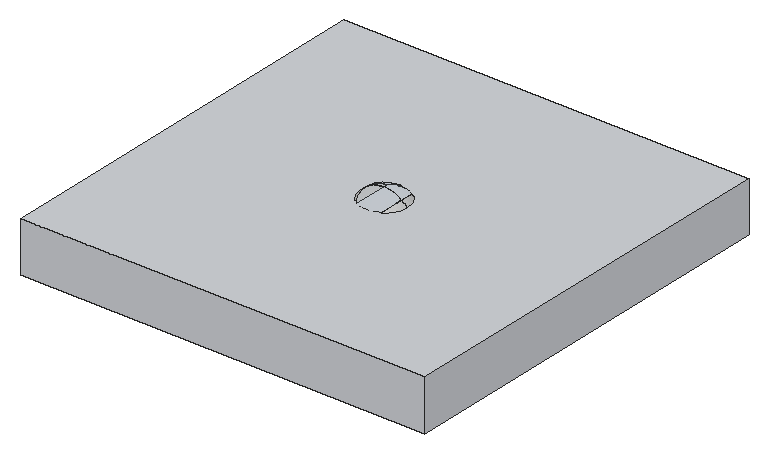
Revit family "GALAD Раунд LED", category Осветительные приборы, Revit 2018
Family settings
  Основа = Грань
  Размер круглого соединителя = Использовать диаметр
  Тип детали = Нормальный
  При загрузке вырезать с полостями = Нет
  Источник света = Да
  Общий = Нет
  Точка расчета площади = Нет
Parameters (values of type "GALAD Раунд LED-9 ECO IP30 Датчик звука")
  built-in parameter 1150104 = 13.8 (stored number, unit not read)
  Частота = "50"  # constant formula
  Цветопередача = 80  # constant formula
  built-in parameter 1150134 = 2
  Файл фотометрической сетки = "svetilnik GALAD raund LED-9 ECO IP30 datchik zvuka.ies"
  Угол наклона = -90.00°
  Тип устройства управления светодиодами = "без управления"  # constant formula
  Тип продукции = "Светильник"  # constant formula
  Тип монтажной поверхности = "настенный"  # constant formula
  Тип источника света = "LED"  # constant formula
  Тип ПРА = "ЭПРА"  # constant formula
  Тип КСС = "Косинусная"  # constant formula
  Срок службы = "12 лет"  # constant formula
  built-in parameter 1150137 = (empty or 0)
  built-in parameter 1150132 = 2
  built-in parameter 1150114 = 1 (stored number, unit not read)
  Снижение светового потока во время разгорания = "не более 6%"  # constant formula
  Dimming Lamp Color Temperature Shift = (empty or 0)
  built-in parameter 1150105 = 334.32 (stored number, unit not read)
  Color Filter = 16777215
  Lumens = 820 lm
  Световая отдача = 91  # constant formula
  built-in parameter 1150109 = 1 (stored number, unit not read)
  built-in parameter 1150112 = 1 (stored number, unit not read)
  built-in parameter 1150110 = 1 (stored number, unit not read)
  built-in parameter 1150113 = 1 (stored number, unit not read)
  built-in parameter 1150115 = 1 (stored number, unit not read)
  built-in parameter 1114218 = 1 (stored number, unit not read)
  built-in parameter 1114217 = 1 (stored number, unit not read)
  Apparent Load = ADSK_Номинальная мощность / ADSK_Коэффициент мощности  # 9.47368 VA
  Default Elevation = 1219.2 mm
  built-in parameter 1150106 = 3.3432 (stored number, unit not read)
  Описание = "Светодиодный светильник GALAD Раунд LED укомплектован матовым рассеивателем для минимизации слепящего действия и встроенным блоком питания. Ударопрочное защитное стекло выполнено из светостабилизированного поликарбоната. Установка светильника возможна на стену или на потолок."  # constant formula
  Область использования = "ЖКХ"  # constant formula
  built-in parameter 1150142 = "IESNA:LM-63-1995\r\n[TEST] Протокол №299R/20, ПАС\r\r\n[DATA]11.09.2020\r\r\n[MANUFAC] GALAD\r\r\n[LUMCAT]  \r\n[LUMINAIRE] Раунд LED-9 ECO IP30 Датчик звука\r\r\n[LAMPCAT] \r\r\n[LAMP] LED 9 Вт \r\r\nTILT=NONE\r\n1     820 0.820 73 145 1 2 0.275 0.275 0.061\r\n1.0 1.0 9\r\n0.0 2.5 5.0 7.5 10.0 12.5 15.0 17.5 20.0 22.5 25.0 27.5 30.0 32.5 35.0 37.5 40.0 42.5 45.0 47.5 50.0 52.5 55.0 57.5 60.0 62.5 65.0 67.5 70.0 72.5 75.0 77.5 80.0 82.5 85.0 87.5 90.0 92.5 95.0 97.5 100.0 102.5 105.0 107.5 110.0 112.5 115.0 117.5 120.0 122.5 125.0 127.5 130.0 132.5 135.0 137.5 140.0 142.5 145.0 147.5 150.0 152.5 155.0 157.5 160.0 162.5 165.0 167.5 170.0 172.5 175.0 177.5 180.0\r\n0.0 2.5 5.0 7.5 10.0 12.5 15.0 17.5 20.0 22.5 25.0 27.5 30.0 32.5 35.0 37.5 40.0 42.5 45.0 47.5 50.0 52.5 55.0 57.5 60.0 62.5 65.0 67.5 70.0 72.5 75.0 77.5 80.0 82.5 85.0 87.5 90.0 92.5 95.0 97.5 100.0 102.5 105.0 107.5 110.0 112.5 115.0 117.5 120.0 122.5 125.0 127.5 130.0 132.5 135.0 137.5 140.0 142.5 145.0 147.5 150.0 152.5 155.0 157.5 160.0 162.5 165.0 167.5 170.0 172.5 175.0 177.5 180.0 182.5 185.0 187.5 190.0 192.5 195.0 197.5 200.0 202.5 205.0 207.5 210.0 212.5 215.0 217.5 220.0 222.5 225.0 227.5 230.0 232.5 235.0 237.5 240.0 242.5 245.0 247.5 250.0 252.5 255.0 257.5 260.0 262.5 265.0 267.5 270.0 272.5 275.0 277.5 280.0 282.5 285.0 287.5 290.0 292.5 295.0 297.5 300.0 302.5 305.0 307.5 310.0 312.5 315.0 317.5 320.0 322.5 325.0 327.5 330.0 332.5 335.0 337.5 340.0 342.5 345.0 347.5 350.0 352.5 355.0 357.5 360.0\r\n332.61 334.32 333.10 330.90 328.34 324.80 320.65 315.65 310.03 304.06 297.47 290.15 282.22 273.55 264.65 255.13 245.00 234.14 223.16 211.45 199.37 187.05 174.11 160.81 147.51 133.97 120.18 106.64 93.46 80.65 68.45 57.10 46.85 37.58 29.53 22.57 16.72 11.84 7.93 5.00 2.93 1.59 0.85 0.37 0.12 0.12 0.00 0.12 0.12 0.12 0.12 0.12 0.00 0.00 0.00 0.00 0.00 0.00 0.00 0.00 0.12 0.12 0.12 0.12 0.12 0.12 0.12 0.24 0.24 0.00 0.00 0.00 0.00 \r\n332.61 334.32 333.10 331.02 328.46 324.68 320.65 315.65 310.16 304.42 297.59 290.27 282.34 273.67 264.65 254.88 244.76 234.02 222.80 211.20 199.13 186.68 173.75 160.69 147.39 133.85 120.18 106.52 93.10 80.16 68.08 56.74 46.36 37.21 29.16 22.21 16.35 11.47 7.69 4.88 2.81 1.59 0.85 0.37 0.12 0.00 0.00 0.00 0.12 0.12 0.12 0.12 0.00 0.00 0.00 0.00 0.00 0.00 0.00 0.00 0.12 0.12 0.12 0.12 0.12 0.12 0.12 0.24 0.24 0.12 0.00 0.00 0.00 \r\n332.61 334.32 332.97 331.02 328.46 324.80 320.65 315.89 310.40 304.18 296.98 289.66 281.85 273.06 263.91 254.03 243.90 233.53 222.19 210.72 198.52 186.07 173.26 160.08 146.90 133.36 119.57 105.91 92.73 79.92 67.72 56.49 46.24 37.21 29.16 22.33 16.47 11.59 7.81 5.00 2.93 1.59 0.85 0.37 0.12 0.00 0.00 0.00 0.00 0.12 0.12 0.12 0.00 0.00 0.00 0.00 0.00 0.00 0.00 0.00 0.12 0.12 0.12 0.12 0.12 0.12 0.12 0.24 0.24 0.12 0.00 0.00 0.00 \r\n332.61 334.32 332.85 330.90 328.34 324.80 320.41 315.65 309.79 303.32 296.25 288.80 280.87 272.33 263.18 253.54 243.54 232.92 221.82 210.35 198.52 186.07 173.26 160.08 146.66 133.24 119.57 105.91 92.61 79.92 67.72 56.49 46.24 37.09 29.16 22.21 16.35 11.59 7.69 4.88 2.93 1.59 0.85 0.37 0.12 0.00 0.00 0.00 0.00 0.12 0.12 0.12 0.00 0.00 0.00 0.00 0.00 0.00 0.00 0.00 0.12 0.12 0.12 0.12 0.12 0.12 0.12 0.24 0.24 0.12 0.00 0.00 0.00 \r\n332.61 334.32 332.85 330.78 328.21 324.55 319.80 314.67 308.69 302.35 295.39 288.07 280.39 272.09 263.06 253.54 243.54 233.04 222.19 210.47 198.52 186.07 173.14 160.08 146.66 132.87 119.33 105.66 92.49 79.80 67.60 56.49 46.24 37.09 29.16 22.21 16.35 11.59 7.81 5.00 2.93 1.59 0.85 0.37 0.12 0.00 0.00 0.00 0.00 0.00 0.12 0.12 0.00 0.00 0.00 0.00 0.00 0.00 0.00 0.00 0.12 0.12 0.12 0.12 0.12 0.12 0.12 0.24 0.24 0.12 0.00 0.00 0.00 \r\n332.61 334.19 332.85 330.78 327.97 323.94 319.19 313.94 308.08 301.98 295.64 288.44 280.63 272.21 263.18 253.42 243.42 233.04 222.06 210.23 198.27 185.95 173.26 160.08 146.66 132.99 119.33 105.66 92.49 79.67 67.60 56.37 46.12 37.09 29.04 22.08 16.35 11.47 7.69 4.88 2.93 1.59 0.85 0.37 0.12 0.00 0.00 0.00 0.00 0.00 0.00 0.00 0.00 0.00 0.00 0.00 0.00 0.00 0.00 0.00 0.12 0.12 0.12 0.12 0.12 0.12 0.12 0.24 0.24 0.12 0.00 0.00 0.00 \r\n332.61 334.19 332.85 330.78 327.60 323.33 318.58 313.45 308.08 301.86 295.27 288.32 280.51 272.09 262.94 253.30 243.29 232.56 221.45 209.98 197.90 185.34 172.53 159.47 146.05 132.63 119.08 105.54 92.24 79.43 67.47 56.25 46.12 37.09 29.04 22.21 16.35 11.59 7.81 5.00 2.93 1.59 0.85 0.37 0.12 0.00 0.00 0.00 0.00 0.00 0.00 0.00 0.00 0.00 0.00 0.00 0.00 0.00 0.00 0.00 0.12 0.12 0.12 0.12 0.12 0.12 0.12 0.24 0.24 0.12 0.00 0.00 0.00 \r\n332.61 334.07 332.85 330.66 327.12 322.85 318.21 313.21 308.20 301.86 295.15 288.19 280.26 271.72 262.57 253.05 243.05 232.31 221.33 209.86 197.66 185.09 172.40 159.35 145.81 132.38 118.72 105.18 92.00 79.43 67.35 56.25 46.12 36.97 29.04 22.08 16.23 11.47 7.81 4.88 2.93 1.59 0.85 0.37 0.12 0.12 0.00 0.00 0.00 0.00 0.00 0.00 0.00 0.00 0.00 0.00 0.00 0.00 0.00 0.00 0.12 0.12 0.12 0.12 0.12 0.12 0.12 0.24 0.24 0.12 0.00 0.00 0.00 \r\n332.61 333.95 332.85 330.41 326.51 322.36 317.97 313.09 307.84 301.74 295.15 287.95 279.78 271.36 262.45 252.81 242.81 232.19 221.21 209.37 197.42 185.09 172.16 158.98 145.68 132.26 118.60 105.05 91.88 79.19 67.11 56.00 45.88 36.97 29.16 22.21 16.47 11.71 7.93 5.00 2.93 1.59 0.85 0.37 0.12 0.12 0.00 0.00 0.00 0.00 0.00 0.00 0.00 0.00 0.00 0.00 0.00 0.00 0.00 0.12 0.12 0.12 0.12 0.12 0.12 0.12 0.12 0.24 0.24 0.12 0.00 0.00 0.00 \r\n332.61 333.95 332.85 330.04 326.14 322.11 317.84 313.09 307.72 301.62 294.91 287.58 279.41 270.87 262.21 252.81 242.68 232.07 220.97 209.25 197.29 184.73 171.92 158.86 145.68 132.02 118.47 105.05 91.88 79.19 67.23 56.13 46.00 36.97 29.04 22.21 16.35 11.59 7.81 5.00 2.93 1.71 0.85 0.37 0.12 0.12 0.00 0.00 0.00 0.00 0.00 0.12 0.00 0.00 0.00 0.00 0.00 0.00 0.00 0.12 0.12 0.24 0.12 0.12 0.12 0.12 0.12 0.24 0.24 0.12 0.00 0.00 0.00 \r\n332.61 333.95 332.73 329.56 325.77 321.87 317.84 313.21 307.72 301.37 294.66 287.46 279.41 270.99 262.08 252.57 242.56 231.95 220.60 209.13 197.05 184.61 171.92 158.86 145.44 131.90 118.35 105.05 91.88 79.06 67.11 56.13 46.12 37.09 29.16 22.33 16.47 11.71 7.93 5.12 3.05 1.71 0.85 0.37 0.12 0.12 0.12 0.12 0.00 0.00 0.12 0.12 0.00 0.00 0.00 0.00 0.00 0.00 0.00 0.12 0.24 0.37 0.24 0.12 0.12 0.12 0.12 0.24 0.24 0.12 0.00 0.00 0.00 \r\n332.61 333.83 332.61 329.19 325.41 321.75 317.72 313.21 307.59 301.37 294.78 287.58 279.65 271.11 262.08 252.44 242.44 231.70 220.60 209.01 196.93 184.61 171.92 158.74 145.07 131.77 118.23 104.81 91.63 79.06 67.11 56.13 46.12 37.09 29.16 22.21 16.47 11.71 7.93 5.00 3.05 1.71 0.85 0.49 0.24 0.12 0.12 0.12 0.00 0.00 0.12 0.12 0.00 0.00 0.00 0.00 0.00 0.00 0.00 0.12 0.49 0.61 0.37 0.24 0.12 0.12 0.12 0.24 0.24 0.12 0.00 0.00 0.00 \r\n332.61 333.83 332.36 328.82 325.29 321.50 317.60 313.09 307.47 301.25 294.91 287.58 279.65 270.87 261.96 252.32 242.32 231.82 220.48 208.89 196.81 184.36 171.55 158.62 145.07 131.53 117.99 104.57 91.51 78.94 66.99 56.00 46.00 37.09 29.16 22.33 16.59 11.84 8.05 5.12 3.05 1.71 0.98 0.49 0.24 0.12 0.12 0.12 0.00 0.00 0.12 0.12 0.00 0.00 0.00 0.00 0.00 0.00 0.00 0.24 0.61 0.85 0.49 0.24 0.12 0.12 0.12 0.24 0.24 0.12 0.00 0.00 0.00 \r\n332.61 333.83 332.12 328.58 325.29 321.50 317.60 312.84 307.11 301.13 294.66 287.34 279.41 270.87 261.84 252.08 242.20 231.70 220.60 209.01 196.81 184.36 171.55 158.49 144.95 131.65 118.23 104.81 91.63 79.06 67.11 56.13 46.12 37.09 29.16 22.33 16.59 11.84 8.05 5.12 3.05 1.71 0.98 0.49 0.24 0.12 0.12 0.12 0.00 0.00 0.12 0.12 0.00 0.00 0.00 0.00 0.00 0.00 0.12 0.24 0.49 0.73 0.37 0.24 0.12 0.12 0.12 0.24 0.24 0.12 0.00 0.00 0.00 \r\n332.61 333.71 331.88 328.46 325.16 321.50 317.48 312.60 306.98 301.13 294.42 287.22 279.29 270.75 261.60 251.96 241.95 231.34 220.36 208.89 196.68 184.12 171.43 158.37 145.07 131.65 117.99 104.57 91.63 78.94 67.11 56.13 46.24 37.21 29.41 22.57 16.72 11.96 8.17 5.25 3.17 1.83 0.98 0.49 0.24 0.12 0.12 0.12 0.00 0.00 0.12 0.12 0.00 0.00 0.00 0.00 0.00 0.00 0.12 0.12 0.37 0.49 0.24 0.12 0.12 0.12 0.12 0.24 0.24 0.12 0.00 0.00 0.00 \r\n332.61 333.71 331.51 328.21 325.04 321.50 317.48 312.60 307.11 301.13 294.30 286.97 279.17 270.75 261.60 251.96 241.71 231.09 219.99 208.52 196.56 184.24 171.43 158.37 144.95 131.41 117.74 104.44 91.39 78.94 67.23 56.25 46.24 37.21 29.41 22.45 16.72 11.96 8.17 5.25 3.17 1.83 0.98 0.49 0.24 0.12 0.12 0.00 0.00 0.00 0.12 0.12 0.00 0.00 0.00 0.00 0.00 0.00 0.12 0.12 0.24 0.24 0.24 0.12 0.12 0.12 0.12 0.24 0.24 0.12 0.00 0.00 0.00 \r\n332.61 333.58 331.27 328.09 324.92 321.50 317.36 312.60 307.11 301.13 294.30 286.85 279.04 270.62 261.47 251.83 241.83 231.09 219.87 208.28 196.32 184.12 171.06 158.01 144.59 131.29 117.86 104.57 91.51 78.82 67.11 56.25 46.36 37.46 29.53 22.69 16.96 12.20 8.30 5.37 3.29 1.83 0.98 0.49 0.24 0.12 0.12 0.00 0.00 0.00 0.12 0.00 0.00 0.00 0.00 0.00 0.00 0.00 0.12 0.12 0.12 0.12 0.12 0.12 0.12 0.12 0.12 0.24 0.24 0.12 0.12 0.00 0.00 \r\n332.61 333.58 331.02 327.85 324.80 321.38 317.23 312.48 306.98 301.01 294.17 286.73 278.92 270.50 261.23 251.59 241.59 230.85 219.50 207.79 195.95 183.63 170.94 157.76 144.46 131.29 117.74 104.44 91.51 79.06 67.11 56.25 46.24 37.46 29.53 22.69 16.84 12.08 8.30 5.37 3.29 1.83 0.98 0.49 0.24 0.12 0.00 0.00 0.00 0.00 0.12 0.00 0.00 0.00 0.00 0.00 0.00 0.00 0.00 0.12 0.12 0.12 0.12 0.12 0.12 0.12 0.12 0.24 0.24 0.12 0.12 0.00 0.00 \r\n332.61 333.46 330.90 327.73 324.80 321.38 317.23 312.48 306.98 300.76 294.05 286.49 278.56 270.26 261.11 251.47 241.34 230.60 219.50 208.03 195.95 183.39 170.70 157.76 144.46 130.92 117.38 104.20 91.39 78.82 67.23 56.37 46.49 37.58 29.65 22.94 17.20 12.32 8.54 5.49 3.42 1.95 0.98 0.49 0.24 0.12 0.00 0.00 0.00 0.00 0.00 0.00 0.00 0.00 0.00 0.00 0.00 0.00 0.00 0.12 0.12 0.12 0.12 0.12 0.12 0.12 0.12 0.24 0.24 0.12 0.12 0.00 0.00 \r\n332.61 333.34 330.78 327.73 324.80 321.38 317.23 312.35 306.86 300.76 294.30 286.61 278.43 270.01 260.99 251.47 241.34 230.48 219.50 208.03 195.95 183.51 170.94 158.13 144.83 131.29 117.86 104.57 91.51 79.06 67.35 56.37 46.61 37.70 29.89 22.94 17.08 12.32 8.54 5.49 3.42 1.95 1.10 0.49 0.24 0.12 0.00 0.00 0.00 0.00 0.00 0.00 0.00 0.00 0.00 0.00 0.00 0.00 0.00 0.00 0.12 0.12 0.12 0.12 0.12 0.12 0.12 0.24 0.24 0.12 0.12 0.00 0.00 \r\n332.61 333.22 330.66 327.60 324.80 321.50 317.36 312.23 306.86 300.88 294.30 286.85 278.68 270.14 261.23 251.71 241.71 230.85 219.62 208.15 195.95 183.51 170.82 157.88 144.59 131.16 117.62 104.44 91.51 79.06 67.47 56.61 46.73 37.82 30.02 23.18 17.33 12.57 8.66 5.61 3.42 1.95 1.10 0.49 0.24 0.12 0.00 0.00 0.00 0.00 0.00 0.00 0.00 0.00 0.00 0.00 0.00 0.00 0.00 0.00 0.12 0.12 0.12 0.12 0.12 0.12 0.12 0.24 0.24 0.12 0.12 0.00 0.00 \r\n332.61 333.10 330.53 327.60 324.80 321.50 317.36 312.23 306.86 300.88 294.17 286.85 278.80 270.26 261.35 251.71 241.71 230.97 219.62 208.28 196.20 183.63 171.06 158.01 144.59 131.29 117.99 104.69 91.75 79.31 67.60 56.74 46.85 37.95 30.02 23.18 17.33 12.57 8.66 5.61 3.54 2.07 1.10 0.61 0.24 0.12 0.00 0.00 0.00 0.00 0.00 0.00 0.00 0.00 0.00 0.00 0.00 0.00 0.00 0.00 0.12 0.12 0.12 0.24 0.12 0.12 0.24 0.24 0.24 0.24 0.12 0.00 0.00 \r\n332.61 332.97 330.41 327.73 324.80 321.50 317.23 312.23 306.86 300.88 294.17 286.85 278.80 270.26 261.35 251.71 241.46 230.85 219.87 208.15 196.20 183.75 170.94 157.88 144.59 131.29 117.86 104.57 91.63 79.31 67.60 56.86 46.97 38.07 30.26 23.43 17.57 12.69 8.78 5.73 3.54 2.07 1.10 0.61 0.24 0.12 0.00 0.00 0.00 0.00 0.00 0.00 0.00 0.00 0.00 0.00 0.00 0.00 0.00 0.00 0.00 0.12 0.12 0.24 0.24 0.12 0.24 0.24 0.37 0.24 0.12 0.00 0.00 \r\n332.61 332.85 330.41 327.73 324.80 321.38 317.23 312.60 307.11 301.13 294.30 286.97 278.92 270.26 261.23 251.71 241.46 230.97 219.87 208.15 196.20 183.87 171.06 158.01 144.71 131.29 117.99 104.81 91.88 79.43 67.72 56.98 46.97 38.19 30.26 23.43 17.57 12.69 8.78 5.86 3.66 2.07 1.22 0.61 0.24 0.12 0.00 0.00 0.00 0.00 0.00 0.00 0.00 0.00 0.00 0.00 0.00 0.00 0.00 0.00 0.00 0.12 0.12 0.24 0.24 0.12 0.24 0.37 0.37 0.24 0.12 0.00 0.00 \r\n332.61 332.73 330.41 327.73 324.80 321.38 317.23 312.60 307.23 301.01 294.17 286.85 278.80 270.14 261.35 251.71 241.46 230.85 219.99 208.15 196.07 183.75 171.06 157.88 144.59 131.41 117.86 104.69 91.75 79.43 67.72 56.98 47.22 38.43 30.50 23.67 17.81 12.93 9.03 5.86 3.66 2.20 1.22 0.61 0.24 0.12 0.00 0.00 0.00 0.00 0.00 0.00 0.00 0.00 0.00 0.00 0.00 0.00 0.00 0.00 0.00 0.12 0.12 0.12 0.24 0.24 0.24 0.37 0.49 0.24 0.12 0.00 0.00 \r\n332.61 332.61 330.41 327.73 324.92 321.38 317.36 312.72 307.23 300.88 294.17 286.85 278.92 270.38 261.47 251.71 241.59 230.97 219.87 208.15 196.20 183.75 170.94 158.01 144.95 131.41 118.11 104.81 91.88 79.43 67.84 57.10 47.22 38.31 30.50 23.67 17.81 12.93 9.03 5.98 3.66 2.20 1.22 0.61 0.24 0.12 0.00 0.00 0.00 0.00 0.00 0.00 0.00 0.00 0.00 0.00 0.00 0.00 0.00 0.00 0.00 0.00 0.12 0.12 0.24 0.24 0.24 0.49 0.73 0.37 0.12 0.00 0.00 \r\n332.61 332.49 330.41 327.73 325.04 321.38 317.36 312.72 307.11 300.76 294.30 286.85 278.80 270.38 261.35 251.71 241.46 230.97 219.87 208.28 196.07 183.75 171.18 158.13 144.71 131.41 117.99 104.81 92.00 79.80 68.21 57.35 47.46 38.68 30.75 23.91 18.06 13.06 9.15 5.98 3.78 2.20 1.10 0.61 0.24 0.12 0.00 0.00 0.00 0.00 0.00 0.00 0.00 0.00 0.00 0.00 0.00 0.00 0.00 0.00 0.00 0.00 0.12 0.12 0.24 0.24 0.24 0.61 0.85 0.37 0.12 0.00 0.00 \r\n332.61 332.49 330.41 327.73 325.16 321.63 317.48 312.72 307.11 301.01 294.42 286.85 278.92 270.38 261.35 251.59 241.46 231.09 220.11 208.40 196.07 183.75 171.31 158.25 144.95 131.41 118.11 104.93 92.12 79.80 68.08 57.35 47.59 38.68 30.75 23.91 18.06 13.06 9.15 6.10 3.78 2.20 1.10 0.61 0.24 0.12 0.00 0.00 0.00 0.00 0.00 0.00 0.00 0.00 0.00 0.00 0.00 0.00 0.00 0.00 0.00 0.00 0.12 0.12 0.24 0.24 0.24 0.85 0.98 0.49 0.12 0.00 0.00 \r\n332.61 332.49 330.41 327.73 325.29 321.75 317.60 312.72 307.11 301.25 294.66 286.97 279.04 270.50 261.47 251.83 241.71 231.21 220.11 208.52 196.32 183.75 171.18 158.01 144.83 131.77 118.35 105.18 92.36 80.04 68.33 57.47 47.71 38.80 30.99 24.04 18.18 13.18 9.15 5.98 3.66 2.07 1.10 0.49 0.24 0.12 0.00 0.00 0.00 0.00 0.00 0.00 0.00 0.00 0.00 0.00 0.00 0.00 0.00 0.00 0.12 0.00 0.12 0.12 0.12 0.24 0.37 0.85 1.10 0.49 0.12 0.00 0.00 \r\n332.61 332.36 330.29 327.73 325.16 321.75 317.72 312.84 307.23 301.25 294.42 287.10 279.17 270.62 261.72 251.96 241.83 231.21 220.11 208.52 196.32 184.00 171.43 158.25 144.83 131.65 118.35 105.18 92.36 80.04 68.45 57.59 47.71 38.92 31.11 24.16 18.18 13.30 9.27 5.98 3.54 1.95 0.98 0.49 0.24 0.12 0.00 0.00 0.00 0.00 0.00 0.00 0.00 0.00 0.00 0.00 0.00 0.00 0.00 0.00 0.12 0.12 0.00 0.12 0.12 0.24 0.37 0.98 1.22 0.49 0.12 0.00 0.00 \r\n332.61 332.36 330.29 327.85 325.16 321.75 317.72 312.84 307.23 301.25 294.30 287.10 279.41 270.50 261.60 251.96 241.83 231.09 219.99 208.64 196.68 184.24 171.43 158.49 145.44 131.90 118.47 105.30 92.49 80.16 68.57 57.71 47.83 39.04 31.11 24.16 18.30 13.42 9.27 5.98 3.54 1.95 0.98 0.49 0.12 0.00 0.00 0.00 0.00 0.00 0.00 0.00 0.00 0.00 0.00 0.00 0.00 0.00 0.00 0.00 0.12 0.12 0.00 0.12 0.12 0.24 0.37 0.98 1.10 0.49 0.12 0.00 0.00 \r\n332.61 332.24 330.29 327.85 325.29 321.75 317.60 312.84 307.35 301.37 294.54 287.22 279.29 270.87 261.72 252.08 241.95 231.34 220.11 208.76 196.81 184.48 171.55 158.49 145.20 131.90 118.60 105.42 92.49 80.28 68.82 57.83 48.07 39.17 31.24 24.40 18.42 13.42 9.27 5.73 3.17 1.71 0.85 0.37 0.12 0.12 0.00 0.00 0.00 0.00 0.00 0.00 0.00 0.00 0.00 0.00 0.00 0.00 0.00 0.00 0.12 0.12 0.12 0.12 0.12 0.24 0.24 0.85 1.10 0.49 0.12 0.00 0.00 \r\n332.61 332.24 330.29 327.97 325.29 321.75 317.60 312.84 307.59 301.74 295.15 287.34 279.17 271.23 262.08 252.32 242.20 231.58 220.48 209.01 196.81 184.36 171.67 158.74 145.20 131.90 118.72 105.54 92.73 80.41 68.69 58.08 48.32 39.41 31.48 24.52 18.67 13.42 8.91 5.37 2.93 1.46 0.73 0.37 0.12 0.12 0.00 0.00 0.00 0.00 0.00 0.00 0.00 0.00 0.00 0.00 0.00 0.00 0.00 0.00 0.12 0.12 0.12 0.12 0.12 0.24 0.24 0.85 0.98 0.49 0.12 0.00 0.00 \r\n332.61 332.12 330.29 327.97 325.29 321.75 317.60 312.96 307.59 301.86 295.39 287.58 279.41 271.11 262.08 252.20 242.20 231.70 220.60 208.76 196.81 184.61 171.92 158.98 145.56 132
